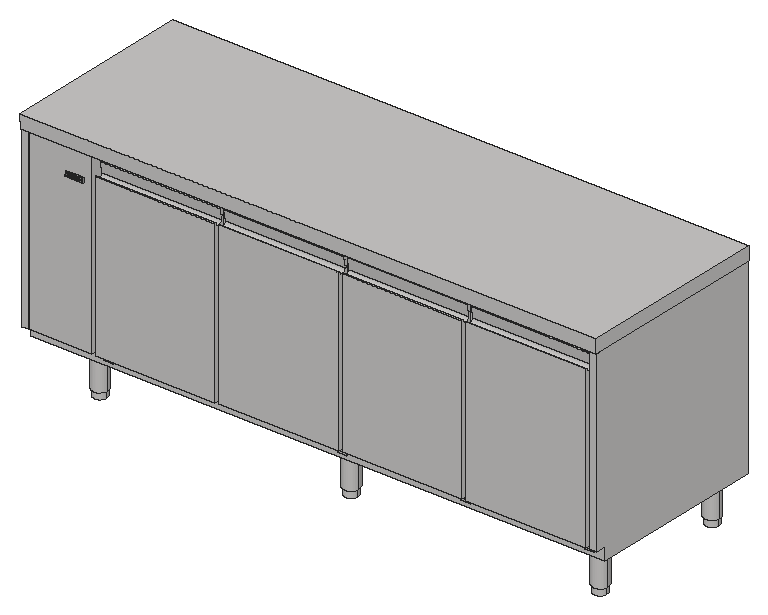
Revit family "QF_ZANUSSI_111055_ZH4RRAAA", category Specialty Equipment, Revit 2018
Family settings
  Round Connector Dimension = Use Diameter
  Part Type = Normal
  Work Plane-Based = No
  Always vertical = Yes
  Cut with Voids When Loaded = No
  Shared = No
  Room Calculation Point = No
Parameters
  Weight = 0.00 kg
  Watts = 0.00278709 W
  Volts = 220 V
  URL Manufacturer = "http://www.zanussiprofessional.com/"
  URL = "http://www.zanussiprofessional.com/"
  Steam Supply Size = 0 mm
  Steam Supply Minimum Pressure = 0.0 Pa
  Steam Supply Maximum Pressure = 0.0 Pa
  Steam Pounds per Hour = 0
  Show Logo [instance] = yes
  Show Clearance [instance] = yes
  Refrigeration Suction Line Size = 0 mm
  Refrigeration Liquid Line Size = 0 mm
  Refrigerant Compressor Remote = yes
  Manufacturer = "Zanussi"
  Phase = 1
  Model = "ZH4RRAAA"
  Length Actual = 2115 mm  # constant formula
  Item Number = "111055"
  Hot Water Size = 0 mm
  Height Actual = 900 mm  # constant formula
  HP = "0 HP"
  Gas Size = 0 mm
  Gas KW = 0
  Gas Input Pressure = 0 W
  Description = "4 DOORS REFRIGER.TABLE 590L-REM"
  Depth Actual = 700 mm  # constant formula
  Cycle = 0 Hz
  Condensate Return Size = 0 mm
  Compressed Air Volume = 0.0 L/s
  Compressed Air Size = 0 mm
  Compressed Air Pressure = 0.0 Pa
  Cold Water Size = 0 mm
  Accessory = yes
Reference planes
  plane 1 "Center X": y = 182.5
  plane 2: z = 0
  plane 3 "Center Y": x = 396.5
  plane 4: y = -62.5
  plane 5: y = 451.5
  plane 6 "BACK": y = 532.5
  plane 7 "FRONT": y = -167.5
  plane 8: x = -452
  plane 9: x = 1386
  plane 10: z = 150
  plane 11 "TOP": z = 900
  plane 12: z = 850
  plane 13: x = -659
  plane 14: x = 1452
  plane 15: x = 471
  plane 16 "LEFT": x = -661
  plane 17 "RIGHT": x = 1454
Forms (mm)
  Extrusion 1, solid, material "QF_Finishes_Stainless Steel"
    sketch origin (396.5, 2, 0) x (0, 1, 0) y (0, 0, 1)
      loop
        line (530.5, 150) -> (530.5, 850) -> (-124.5, 850) -> (-124.5, 150) -> (530.5, 150)
    from -1055.5 to 1055.5
  Extrusion 2, solid, material "QF_Finishes_Stainless Steel"
    sketch origin (-1022.223, -1524, 150) x (-1, 0, 0) y (0, -1, 0)
      loop
        line (-363.223, -1361.5) -> (-388.223, -1361.5) -> (-388.223, -1401.5) -> (-363.223, -1401.5) -> (-363.223, -1361.5)
      loop
        line (-2474.223, -1401.5) -> (-2449.223, -1401.5) -> (-2449.223, -1361.5) -> (-2474.223, -1361.5) -> (-2474.223, -1401.5)
    from 47 to 700
  Extrusion 3, solid, material "QF_Finishes_Stainless Steel"
    sketch origin (0, 0, 900) x (-1, 0, 0) y (0, -1, 0)
      loop
        circle (-965, -94.5) r 8.45
      loop
        circle (-57, -94.5) r 8.45
    from -790.577 to -750
  Extrusion 4, solid, material "QF_Finishes_Stainless Steel"
    sketch origin (0, 0, 0) x (1, 0, 0) y (0, 1, 0)
      loop
        circle (-594, 207.5) r 8.45
    from 127.77 to 150
  Extrusion 5, solid, material "QF_Finishes_Stainless Steel"
    sketch origin (0, 0, 0) x (1, 0, 0) y (0, 1, 0)
      loop
        circle (-578, 162.5) r 4.75
    from 347 to 367
  Extrusion 6, solid, material "QF_Finishes_Stainless Steel"
    sketch origin (0, 0, 0) x (1, 0, 0) y (0, 1, 0)
      loop
        circle (-531, 4.5) r 4
    from 709 to 729
  Extrusion 7, solid, material "QF_Finishes_Stainless Steel"
    sketch origin (0, 0, 0) x (1, 0, 0) y (0, 1, 0)
      loop
        circle (-553, 159.5) r 4
    from 397 to 417
  Extrusion 8, solid, material "QF_Finishes_Stainless Steel"
    sketch origin (396.5, 0, 0) x (0, 1, 0) y (0, 0, 1)
      loop
        line (-167.5, 900) -> (-167.5, 850) -> (532.5, 850) -> (532.5, 900) -> (-167.5, 900)
    from 1057.5 to -1057.5
Cuts and joins
  joined: Extrusion 1, Extrusion 2
Lines and regions (mm)
  symbolic lines, style "SpecialityEquipmentHiddenLines"
    curve 1: line (-661, -122.5, 900) -> (1454, -122.5, 900)
    curve 2: line (-396, -167.5, 900) -> (-396, -122.5, 900)
  symbolic lines, style "SpecialityEquipment"
    curve 3: line (-661, 532.5, 900) -> (1454, 532.5, 900)
    curve 4: line (-661, 532.5, 900) -> (-661, -167.5, 900)
    curve 5: line (-661, -167.5, 900) -> (1454, -167.5, 900)
    curve 6: line (1454, -167.5, 900) -> (1454, 532.5, 900)
Dimensions and locks
  locked: plane 6 "BACK" to plane 7 "FRONT" at 700
  equal spacing: plane 6 "BACK", plane 1 "Center X", plane 7 "FRONT"
  locked: plane 6 "BACK" to plane 5 at 81
  plane 10 to level = 150 mm
  plane 11 "TOP" to plane 12 to plane 10 = 50 mm locked, 700 mm locked
  locked: Extrusion 2 sketch curve to Extrusion 2 sketch curve at 25  (x2)
  locked: plane 4 to plane 7 "FRONT" at 105
  locked: plane 6 "BACK" to Extrusion 3 sketch curve at 438  (x2)
  equal spacing: plane 13, plane 3 "Center Y", plane 14
  plane 16 "LEFT" to plane 17 "RIGHT" = 2115 mm
  locked: plane 13 to plane 8 at 207
  plane 15 to plane 9 to plane 14 = 915 mm locked, 66 mm locked
  Extrusion 3 sketch curve to Extrusion 3 sketch curve to plane 14 = 908 mm locked, 487 mm locked
  plane 6 "BACK" to Extrusion 4 sketch curve = 325 mm
  locked: plane 13 to Extrusion 4 sketch curve at 65
  locked: plane 13 to Extrusion 7 sketch curve at 106
  locked: plane 6 "BACK" to Extrusion 7 sketch curve at 373
  locked: plane 6 "BACK" to Extrusion 5 sketch curve at 370
  locked: plane 13 to Extrusion 5 sketch curve at 81
  plane 13 to Extrusion 6 sketch curve = 128 mm
  plane 6 "BACK" to Extrusion 6 sketch curve = 528 mm
  locked: plane 10 to Extrusion 4 at 22.23
  cut or joined group of Extrusion 1, Extrusion 2 to Extrusion 5 to Extrusion 5 to Extrusion 7 to Extrusion 7 to Extrusion 6 to Extrusion 6 = 197 mm locked, 20 mm locked, 30 mm locked, 20 mm locked, 292 mm locked, 20 mm locked
  aligned and locked: level to plane 2
  aligned and locked: plane 10 to Extrusion 3
  aligned and locked: nested 4 to plane 4
  aligned and locked: nested 1 to plane 4
  aligned and locked: nested 3 to plane 5
  aligned and locked: nested 2 to plane 5
  aligned and locked: plane 8 to nested 1
  aligned and locked: plane 8 to nested 2
  aligned and locked: plane 9 to nested 4
  aligned and locked: plane 9 to nested 3
  aligned and locked: Extrusion 1 to Extrusion 2
  aligned and locked: Extrusion 2 to Extrusion 1
  aligned and locked: Extrusion 2 sketch curve to plane 14
  aligned and locked: plane 13 to Extrusion 2 sketch curve
  aligned and locked: cut or joined group of Extrusion 1, Extrusion 2 to plane 10
  aligned and locked: plane 12 to cut or joined group of Extrusion 1, Extrusion 2
  aligned and locked: plane 10 to Extrusion 4
  aligned and locked: nested 8 to plane 7 "FRONT"
  aligned and locked: plane 14 to nested 8
  aligned and locked: plane 15 to nested 12
  aligned and locked: plane 15 to nested 11
  aligned and locked: curve 4 to plane 16 "LEFT"
  aligned and locked: plane 17 "RIGHT" to curve 6
  aligned and locked: Extrusion 8 sketch curve to plane 11 "TOP"
  aligned and locked: plane 7 "FRONT" to Extrusion 8 sketch curve
  aligned and locked: Extrusion 8 sketch curve to cut or joined group of Extrusion 1, Extrusion 2  (x2)
  aligned and locked: plane 17 "RIGHT" to Extrusion 8
  aligned and locked: Extrusion 8 to plane 16 "LEFT"
Automatic sketch dimensions
  plane 7 "FRONT" to Extrusion 2 sketch curve = 45 mm  (x2)
  plane 7 "FRONT" to Extrusion 2 sketch curve = 5 mm  (x2)
  Extrusion 1 sketch curve to plane 10 = 0 mm
  Extrusion 1 sketch curve to plane 12 = 0 mm
  Extrusion 1 sketch curve to plane 6 "BACK" = 0 mm
  plane 7 "FRONT" to Extrusion 1 sketch curve = 45 mm
  plane 6 "BACK" to curve 6 = 0 mm
  curve 2 to plane 7 "FRONT" = 0 mm
  plane 8 to curve 2 = 56 mm
  plane 7 "FRONT" to curve 1 = 45 mm
  radius of Extrusion 4 sketch curve = 8.45 mm
  radius of Extrusion 5 sketch curve = 4.75 mm
  radius of Extrusion 7 sketch curve = 4 mm
  radius of Extrusion 3 sketch curve = 8.45 mm  (x2)
  radius of Extrusion 6 sketch curve = 4 mm
Nested families
  nested 1: "Foot_Ø50_H150" at (-452, -62.5, 0), type "Foot_Ø50_H150"
  nested 2: "Foot_Ø50_H150" at (-452, 451.5, 0), type "Foot_Ø50_H150"
  nested 3: "Foot_Ø50_H150" at (1386, 451.5, 0), type "Foot_Ø50_H150"
  nested 4: "Foot_Ø50_H150" at (1386, -62.5, 0), type "Foot_Ø50_H150"
  nested 5: "ZAN_Cooling Unit_Remote" at (-518.5, -164.5, 0), Show Logo <- "Show Logo", type "ZAN_Cooling Unit_Remote"
  nested 6: "Door" at (285, -164.5, 0), Show Clearance <- "Show Clearance", type "Door"
  nested 7: "Door" at (-169, -164.5, 0) x (-1, 0, 0) z (0, 0, 1), Show Clearance <- "Show Clearance", type "Door"
  nested 8: "Refrigerator" at (1452, -167.5, 900), type "Refrigerator"
  nested 9: "Door" at (739, -164.5, 0), Show Clearance <- "Show Clearance", type "Door"
  nested 10: "Door" at (1193, -164.5, 0), Show Clearance <- "Show Clearance", type "Door"
  nested 11: "Foot_Ø50_H150" at (471, 451.5, 0), type "Foot_Ø50_H150"
  nested 12: "Foot_Ø50_H150" at (471, -62.5, 0), type "Foot_Ø50_H150"
Connectors
  piping at (-594, 207.5, 127.77), diameter 17
    settings: on Extrusion 4, index 1, connector inside diameter 609.6 mm, connector length 0 mm, flow factor 0, pipe flow 0.0 L/s, pressure drop 0.0 Pa, fitting loss kfactor 0, connector angle 0.00°, fixture units 0, engagement length 0 mm, angle of deflection 0.00°, flow configuration 1, flow direction 2, fitting loss method 0, system type 16, joint type 0, gender type 0, connector reference index -1, connector utility 0, adjustable connector no, is connector primary yes, connector description "Drain"
  piping at (-578, 162.5, 347), diameter 2895.6
    settings: on Extrusion 5, index 2, connector inside diameter 609.6 mm, connector length 0 mm, flow factor 0, pipe flow 0.0 L/s, pressure drop 0.0 Pa, fitting loss kfactor 0, connector angle 0.00°, fixture units 0, engagement length 0 mm, angle of deflection 0.00°, flow configuration 1, flow direction 2, fitting loss method 0, system type 8, joint type 0, gender type 0, connector reference index -1, connector utility 0, adjustable connector no, is connector primary no, connector description "Refrigerant Outlet"
  piping at (-553, 159.5, 397), diameter 2438.4
    settings: on Extrusion 7, index 3, connector inside diameter 609.6 mm, connector length 0 mm, flow factor 0, pipe flow 0.0 L/s, pressure drop 0.0 Pa, fitting loss kfactor 0, connector angle 0.00°, fixture units 0, engagement length 0 mm, angle of deflection 0.00°, flow configuration 1, flow direction 1, fitting loss method 0, system type 7, joint type 0, gender type 0, connector reference index -1, connector utility 0, adjustable connector no, is connector primary no, connector description "Refrigerant Inlet"
  electrical at (-531, 4.5, 709)
    settings: on Extrusion 6, index 4, voltage 0 V, apparent load 0 VA, apparent load phase1 0 VA, apparent load phase2 0 VA, apparent load phase3 0 VA, power factor 1, load classification "Altro", number of poles 1, system type 30, power factor state 1, is connector primary yes, connector utility no, sub classification motor no, connector description "Electrical Connection"
  piping at (965, 94.5, 109.423), diameter 17
    settings: on Extrusion 3, index 5, connector inside diameter 609.6 mm, connector length 0 mm, flow factor 0, pipe flow 0.0 L/s, pressure drop 0.0 Pa, fitting loss kfactor 0, connector angle 0.00°, fixture units 0, engagement length 0 mm, angle of deflection 0.00°, flow configuration 1, flow direction 2, fitting loss method 0, system type 16, joint type 0, gender type 0, connector reference index -1, connector utility 0, adjustable connector no, is connector primary no, connector description "Drain"
  piping at (57, 94.5, 109.423), diameter 17
    settings: on Extrusion 3, index 6, connector inside diameter 609.6 mm, connector length 0 mm, flow factor 0, pipe flow 0.0 L/s, pressure drop 0.0 Pa, fitting loss kfactor 0, connector angle 0.00°, fixture units 0, engagement length 0 mm, angle of deflection 0.00°, flow configuration 1, flow direction 2, fitting loss method 0, system type 16, joint type 0, gender type 0, connector reference index -1, connector utility 0, adjustable connector no, is connector primary no, connector description "Drain"
Definition of nested family "Foot_Ø50_H150"
  Reference planes
    plane 1 "Centro (Fronte/Retro)": y = 0
    plane 2: z = 0
    plane 3 "Centro (Sinistra/Destra)": x = 0
    plane 4: z = 150
  Forms (mm)
    Revolve 1, solid
      sketch origin (255.05, 0, 608.09) x (0, 0, 1) y (-1, 0, 0)
        loop
          line (-608.09, 255.05) -> (-608.09, 230.05) -> (-583.09, 230.05) -> (-583.09, 226.05) -> (-458.09, 226.05) -> (-458.09, 255.05) -> (-608.09, 255.05)
        axis (-608.09, 255.05) -> (-458.09, 255.05)
      angle from 0 to 360
  Dimensions and locks
    locked: Revolve 1 sketch curve to Revolve 1 sketch curve at 125
    aligned and locked: level to plane 2
    aligned and locked: plane 4 to Revolve 1 sketch curve
    aligned and locked: Revolve 1 sketch curve to level
    aligned and locked: plane 3 "Centro (Sinistra/Destra)" to Revolve 1 sketch curve
Definition of nested family "ZAN_Cooling Unit_Remote"
  Parameters
    Show Logo [instance] = yes
  Reference planes
    plane 1 "FRONT": y = -3
    plane 2: z = 0
    plane 3 "Centro (Sinistra/Destra)": x = 0
    plane 4: z = 150
    plane 5: z = 850
    plane 6: x = -115.5
    plane 7: x = 115.5
  Forms (mm)
    Extrusion 1, solid
      sketch origin (0, 55, 511) x (0, 0, 1) y (0, -1, 0)
        loop
          line (-314, 53) -> (-314, 13) -> (339, 13) -> (339, 53) -> (-314, 53)
      from -115.5 to 115.5
  Lines and regions (mm)
    Split face 1
      outline origin (0, 2, 197) x (0, 0, 1) y (-1, 0, 0)
        loop
          line (622.361, 88.738) -> (620.361, 90.738) -> (551.361, 90.738) -> (549.361, 88.738) -> (549.361, -88.738) -> (551.361, -90.738) -> (620.361, -90.738) -> (622.361, -88.738) -> (622.361, 88.738)
    Split face 2
      outline origin (0, 2, 197) x (0, 0, 1) y (-1, 0, 0)
        loop
          line (594.861, 71.967) -> (576.861, 71.967) -> (576.861, 6.967) -> (594.861, 6.967) -> (594.861, 71.967)
    Split face 3
      outline origin (0, 2, 197) x (0, 0, 1) y (-1, 0, 0)
        loop
          spline (549.361, 14.392) -> (554.282, 6.98) -> (559.415, 0.36) -> (564.759, -5.468) -> (570.314, -10.504) -> (576.08, -14.748) -> (582.058, -18.199) -> (588.247, -20.859) -> (594.647, -22.726) -> (601.259, -23.801) -> (608.081, -24.084) -> (615.115, -23.575) -> (622.361, -22.274)
        loop
          spline (549.361, 2.362) -> (555.285, -3.356) -> (561.239, -8.428) -> (567.221, -12.855) -> (573.232, -16.635) -> (579.272, -19.769) -> (585.341, -22.257) -> (591.439, -24.099) -> (597.565, -25.295) -> (603.721, -25.845) -> (609.905, -25.749) -> (616.118, -25.007) -> (622.361, -23.619)
  Dimensions and locks
    aligned and locked: level to plane 2
  Nested families
    nested 1: "ZAN_Logo_XS_Grey" at (52.418, 2, 758.75) x (1, 0, 0) z (0, -1, 0), visible <- "Show Logo", type "ZAN_Logo_XS_Grey"
  Definition of nested family "ZAN_Logo_XS_Grey"
    Parameters
      Default Elevation = 0 mm
    Reference planes
      plane 1 "Centro (Fronte/Retro)": y = 0
      plane 2: z = 0
      plane 3 "Centro (Sinistra/Destra)": x = 0
    Forms (mm)
      Extrusion 1, solid
        sketch origin (0, 0, 0) x (1, 0, 0) y (0, 1, 0)
          loop
            line (-1219.2, 1219.2) -> (-1219.2, -1219.2) -> (1219.2, -1219.2) -> (1219.2, 1219.2) -> (-1219.2, 1219.2)
        from 0 to -304.8
      Extrusion 2, solid
        sketch origin (17.793, -46.218, 0) x (-1, 0, 0) y (0, -1, 0)
          loop
            spline (1.911, -54.793) -> (2.402, -54.973) -> (2.91, -55.105) -> (3.43, -55.191) -> (3.955, -55.229) -> (4.482, -55.219) -> (5.006, -55.161) -> (5.521, -55.054) -> (6.022, -54.898) -> (6.506, -54.693) -> (6.966, -54.438) -> (7.398, -54.133) -> (7.797, -53.778)
            spline (7.797, -53.778) -> (8.033, -53.407) -> (8.237, -53.008) -> (8.407, -52.586) -> (8.544, -52.147) -> (8.65, -51.697) -> (8.723, -51.241) -> (8.764, -50.785) -> (8.774, -50.335) -> (8.753, -49.897) -> (8.701, -49.475) -> (8.619, -49.075) -> (8.507, -48.704)
            line (8.507, -48.704) -> (6.883, -46.37) -> (5.158, -44.848) -> (3.027, -42.716)
            spline (3.027, -42.716) -> (3.002, -42.56) -> (2.979, -42.398) -> (2.962, -42.23) -> (2.952, -42.059) -> (2.951, -41.886) -> (2.963, -41.714) -> (2.99, -41.545) -> (3.034, -41.378) -> (3.098, -41.218) -> (3.184, -41.065) -> (3.295, -40.921) -> (3.433, -40.788)
            line (3.433, -40.788) -> (4.752, -40.687)
            spline (4.752, -40.687) -> (4.999, -40.855) -> (5.185, -41.053) -> (5.32, -41.275) -> (5.41, -41.518) -> (5.463, -41.775) -> (5.488, -42.044) -> (5.491, -42.319) -> (5.481, -42.596) -> (5.466, -42.87) -> (5.452, -43.137) -> (5.448, -43.392) -> (5.462, -43.63)
            line (5.462, -43.63) -> (9.014, -43.63)
            spline (9.014, -43.63) -> (9.056, -43.199) -> (9.08, -42.769) -> (9.084, -42.342) -> (9.067, -41.92) -> (9.027, -41.503) -> (8.964, -41.093) -> (8.875, -40.691) -> (8.759, -40.3) -> (8.615, -39.919) -> (8.441, -39.552) -> (8.237, -39.198) -> (7.999, -38.86)
            spline (7.999, -38.86) -> (7.708, -38.596) -> (7.394, -38.361) -> (7.059, -38.155) -> (6.707, -37.977) -> (6.338, -37.828) -> (5.957, -37.706) -> (5.565, -37.612) -> (5.165, -37.545) -> (4.76, -37.504) -> (4.351, -37.491) -> (3.942, -37.503) -> (3.534, -37.541)
            spline (3.534, -37.541) -> (3.104, -37.608) -> (2.677, -37.709) -> (2.258, -37.842) -> (1.85, -38.007) -> (1.459, -38.203) -> (1.086, -38.429) -> (0.737, -38.685) -> (0.415, -38.969) -> (0.123, -39.282) -> (-0.133, -39.622) -> (-0.35, -39.989) -> (-0.525, -40.383)
            spline (-0.525, -40.383) -> (-0.633, -40.866) -> (-0.704, -41.352) -> (-0.738, -41.837) -> (-0.736, -42.318) -> (-0.698, -42.794) -> (-0.627, -43.262) -> (-0.521, -43.719) -> (-0.382, -44.164) -> (-0.211, -44.592) -> (-0.008, -45.003) -> (0.226, -45.394) -> (0.49, -45.761)
            line (0.49, -45.761) -> (4.549, -49.414) -> (5.056, -50.023) -> (5.259, -51.647) -> (4.042, -52.256) -> (3.027, -51.546) -> (2.925, -49.414) -> (-0.424, -49.414) -> (-0.22, -52.865)
            spline (-0.22, -52.865) -> (-0.13, -53.068) -> (-0.013, -53.268) -> (0.127, -53.466) -> (0.287, -53.658) -> (0.464, -53.843) -> (0.655, -54.019) -> (0.856, -54.185) -> (1.065, -54.338) -> (1.278, -54.478) -> (1.492, -54.601) -> (1.704, -54.707) -> (1.911, -54.793)
          loop
            spline (-10.267, -52.966) -> (-9.987, -53.421) -> (-9.658, -53.822) -> (-9.284, -54.17) -> (-8.873, -54.466) -> (-8.429, -54.711) -> (-7.959, -54.907) -> (-7.467, -55.054) -> (-6.96, -55.154) -> (-6.443, -55.207) -> (-5.922, -55.214) -> (-5.402, -55.178) -> (-4.889, -55.098)
            spline (-4.889, -55.098) -> (-4.532, -55.03) -> (-4.176, -54.93) -> (-3.825, -54.799) -> (-3.483, -54.639) -> (-3.156, -54.45) -> (-2.847, -54.235) -> (-2.561, -53.994) -> (-2.303, -53.729) -> (-2.077, -53.442) -> (-1.889, -53.134) -> (-1.742, -52.805) -> (-1.641, -52.459)
            spline (-1.641, -52.459) -> (-1.485, -51.997) -> (-1.371, -51.525) -> (-1.299, -51.049) -> (-1.269, -50.572) -> (-1.282, -50.098) -> (-1.337, -49.63) -> (-1.434, -49.173) -> (-1.574, -48.73) -> (-1.756, -48.306) -> (-1.98, -47.904) -> (-2.246, -47.528) -> (-2.555, -47.182)
            line (-2.555, -47.182) -> (-6.31, -43.833) -> (-7.121, -42.615)
            spline (-7.121, -42.615) -> (-7.146, -42.461) -> (-7.169, -42.304) -> (-7.188, -42.144) -> (-7.2, -41.984) -> (-7.204, -41.823) -> (-7.198, -41.664) -> (-7.178, -41.506) -> (-7.144, -41.352) -> (-7.093, -41.202) -> (-7.023, -41.058) -> (-6.932, -40.919) -> (-6.817, -40.788)
            line (-6.817, -40.788) -> (-5.802, -40.585)
            spline (-5.802, -40.585) -> (-5.443, -40.671) -> (-5.17, -40.818) -> (-4.971, -41.02) -> (-4.836, -41.266) -> (-4.753, -41.547) -> (-4.711, -41.854) -> (-4.699, -42.178) -> (-4.705, -42.51) -> (-4.718, -42.84) -> (-4.726, -43.16) -> (-4.719, -43.46) -> (-4.686, -43.731)
            line (-4.686, -43.731) -> (-1.134, -43.63)
            spline (-1.134, -43.63) -> (-1.09, -43.193) -> (-1.063, -42.747) -> (-1.055, -42.296) -> (-1.07, -41.845) -> (-1.112, -41.396) -> (-1.185, -40.953) -> (-1.291, -40.522) -> (-1.435, -40.104) -> (-1.619, -39.705) -> (-1.848, -39.329) -> (-2.125, -38.978) -> (-2.453, -38.657)
            spline (-2.453, -38.657) -> (-2.873, -38.351) -> (-3.319, -38.09) -> (-3.785, -37.876) -> (-4.269, -37.706) -> (-4.765, -37.582) -> (-5.269, -37.503) -> (-5.778, -37.468) -> (-6.287, -37.477) -> (-6.792, -37.53) -> (-7.288, -37.626) -> (-7.771, -37.765) -> (-8.238, -37.947)
            spline (-8.238, -37.947) -> (-8.443, -38.033) -> (-8.65, -38.14) -> (-8.858, -38.264) -> (-9.065, -38.405) -> (-9.269, -38.562) -> (-9.468, -38.733) -> (-9.661, -38.917) -> (-9.846, -39.112) -> (-10.022, -39.317) -> (-10.185, -39.53) -> (-10.335, -39.751) -> (-10.47, -39.977)
            spline (-10.47, -39.977) -> (-10.65, -40.464) -> (-10.783, -40.962) -> (-10.87, -41.467) -> (-10.91, -41.976) -> (-10.904, -42.487) -> (-10.851, -42.996) -> (-10.752, -43.501) -> (-10.606, -43.998) -> (-10.413, -44.486) -> (-10.174, -44.961) -> (-9.889, -45.421) -> (-9.557, -45.863)
            line (-9.557, -45.863) -> (-5.295, -49.719) -> (-4.787, -51.038) -> (-5.193, -52.053) -> (-6.107, -52.256) -> (-7.121, -51.546) -> (-7.223, -49.516) -> (-10.673, -49.414)
            spline (-10.673, -49.414) -> (-10.656, -49.721) -> (-10.65, -50.03) -> (-10.653, -50.341) -> (-10.658, -50.651) -> (-10.662, -50.96) -> (-10.661, -51.267) -> (-10.648, -51.569) -> (-10.621, -51.865) -> (-10.573, -52.154) -> (-10.502, -52.435) -> (-10.401, -52.706) -> (-10.267, -52.966)
          loop
            line (-11.282, -37.541) -> (-14.834, -37.541) -> (-14.834, -54.894) -> (-11.282, -54.894) -> (-11.282, -37.541)
          loop
            line (15.205, -41.702) -> (15.205, -54.894) -> (18.757, -54.894) -> (18.757, -43.224) -> (18.554, -40.383)
            arc (18.554, -40.383) -> (17.093, -38.328) -> (14.698, -37.541) r 4.037
            line (14.698, -37.541) -> (13.074, -37.541) -> (12.262, -37.744)
            arc (12.262, -37.744) -> (10.306, -39.004) -> (9.522, -41.194) r 3.619
            line (9.522, -41.194) -> (9.522, -54.894) -> (13.074, -54.894) -> (13.074, -42.006) -> (13.479, -41.093) -> (14.596, -40.991) -> (15.205, -41.702)
          loop
            line (19.569, -54.894) -> (22.816, -54.894) -> (22.816, -43.833) -> (25.759, -54.894) -> (29.514, -54.894) -> (29.514, -37.541) -> (26.368, -37.541) -> (26.368, -49.008) -> (23.425, -37.541) -> (19.569, -37.541) -> (19.569, -54.894)
          loop
            line (41.184, -54.894) -> (50.013, -54.894) -> (50.013, -51.647) -> (45.345, -51.749) -> (50.419, -41.093) -> (50.419, -37.541) -> (41.184, -37.541) -> (41.184, -41.093) -> (46.511, -41.093) -> (41.184, -51.952) -> (41.184, -54.894)
          loop
            line (32.964, -54.894) -> (37.835, -54.894) -> (40.981, -37.541) -> (37.328, -37.541) -> (36.821, -40.89) -> (33.878, -40.89) -> (33.37, -37.541) -> (29.717, -37.541) -> (32.964, -54.894)
          loop
            line (36.415, -44.036) -> (34.385, -44.036) -> (35.4, -51.928) -> (36.415, -44.036)
        from 0 to 1.644
    Dimensions and locks
      aligned and locked: plane 2 to Extrusion 1
      aligned and locked: level to Extrusion 1
Definition of nested family "Door"
  Parameters
    Show Clearance [instance] = yes
  Reference planes
    plane 1 "FRONT": y = -3
    plane 2: z = 0
    plane 3 "Centro (Sinistra/Destra)": x = 0
    plane 4: z = 150
    plane 5: z = 850
    plane 6: x = -234
    plane 7: x = 234
    plane 8: x = -220
    plane 9: x = 220
  Forms (mm)
    Extrusion 1, solid
      sketch origin (0, 53, 511) x (0, 0, 1) y (0, -1, 0)
        loop
          line (-323.003, 28.5) -> (-316.501, 28.5) -> (-316.501, 31) -> (-325.503, 31) -> (-325.503, 13.5) -> (-345.503, 13.5) -> (-345.503, 11) -> (-323.003, 11) -> (-323.003, 23.259) -> (-323.003, 28.5)
        loop
          line (-314, 27) -> (-316.501, 27) -> (-316.501, 18.501) -> (-319.752, 18.501) -> (-319.752, 16) -> (-314, 16) -> (-314, 27)
        loop
          line (315.003, 27) -> (315.003, 13.948) -> (315.003, 11) -> (327.503, 11) -> (327.503, 13.5) -> (317.503, 13.5) -> (317.503, 27) -> (315.003, 27)
      from 185 to 220
    Extrusion 2, solid, visible <- "Show Clearance", detail levels coarse
      sketch origin (0, 53, 511) x (0, -1, 0) y (1, 0, 0)
        loop
          line (51, 220) -> (51, -220)
          arc (51, -220) -> (339.234, -79.44) -> (454, 220) r 437.168
          line (454, 220) -> (51, 220)
      from -314 to 314
    Extrusion 3, solid
      sketch origin (0, 55, 511) x (0, 0, 1) y (0, -1, 0)
        loop
          line (314, 18) -> (314, 29) -> (274.395, 22.5)
          arc (274.395, 22.5) -> (260.395, 36.5) -> (274.395, 50.5) r 14
          line (274.395, 50.5) -> (274.395, 53) -> (-314, 53) -> (-314, 18) -> (314, 18)
      from -220 to 220
  Lines and regions (mm)
    symbolic lines
      curve 1: line (220, -3, 0) -> (220, -401, 0)
      curve 2: line (220, -401, 0) -> (185, -401, 0)
      curve 3: line (185, -401, 0) -> (185, -3, 0)
      curve 4: arc (-219.722, -3, 0) -> (-89.51, -275.368, 0) -> (185, -401, 0) r 442.855
  Dimensions and locks
    aligned and locked: level to plane 2
Definition of nested family "Refrigerator"
  Reference planes
    plane 1 "Center (Front/Back)": y = 0
    plane 2: z = 0
    plane 3 "Center (Left/Right)": x = 0
  Lines and regions (mm)
    detail lines, in view "Ref. Level"
      curve 1: spline (-500, 190, 0) -> (-493.185, 166.706, 0) -> (-473.205, 145, 0) -> (-441.421, 126.36, 0) -> (-400, 112.058, 0) -> (-351.764, 103.067, 0) -> (-300, 100, 0) -> (-248.236, 103.067, 0) -> (-200, 112.058, 0) -> (-158.579, 126.36, 0) -> (-126.795, 145, 0) -> (-106.815, 166.706, 0) -> (-100, 190, 0) -> (-106.815, 213.294, 0) -> (-126.795, 235, 0) -> (-158.579, 253.64, 0) -> (-200, 267.942, 0) -> (-248.236, 276.933, 0) -> (-300, 280, 0) -> (-351.764, 276.933, 0) -> (-400, 267.942, 0) -> (-441.421, 253.64, 0) -> (-473.205, 235, 0) -> (-493.185, 213.294, 0) -> (-500, 190, 0)
      curve 2: line (-300, 130, 0) -> (-300, 250, 0)
      curve 3: line (-351.962, 220, 0) -> (-248.038, 160, 0)
      curve 4: line (-351.962, 160, 0) -> (-248.038, 220, 0)
      curve 5: line (-280.884, 246.873, 0) -> (-300, 225, 0)
      curve 6: line (-300, 225, 0) -> (-319.116, 246.873, 0)
      curve 7: line (-330.311, 207.5, 0) -> (-339.696, 234.992, 0)
      curve 8: line (-358.812, 201.882, 0) -> (-330.311, 207.5, 0)
      curve 9: line (-330.311, 172.5, 0) -> (-358.812, 178.118, 0)
      curve 10: line (-339.696, 145.008, 0) -> (-330.311, 172.5, 0)
      curve 11: line (-300, 155, 0) -> (-319.116, 133.127, 0)
      curve 12: line (-280.884, 133.127, 0) -> (-300, 155, 0)
      curve 13: line (-269.689, 172.5, 0) -> (-260.304, 145.008, 0)
      curve 14: line (-241.188, 178.118, 0) -> (-269.689, 172.5, 0)
      curve 15: line (-269.689, 207.5, 0) -> (-241.188, 201.882, 0)
      curve 16: line (-260.304, 234.992, 0) -> (-269.689, 207.5, 0)
